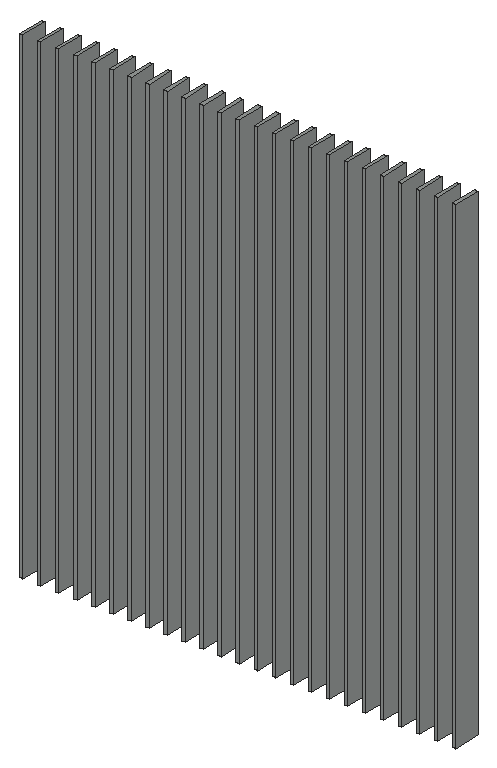
Revit family "Blade Surfaces 001", category Generic Models, host Wall, Revit 2021
Family settings
  Host = Wall
  Can host rebar = No
  Round Connector Dimension = Use Diameter
  Part Type = Normal
  Always vertical = Yes
  Cut with Voids When Loaded = No
  Shared = No
  Room Calculation Point = No
Parameters
  URL = "https://www.csiposhfelt.com/products/blade-surfaces-001"
  Model = "Blade Surfaces 001"
  Manufacturer = "CSI PoshFelt"
  Default Elevation = 0' - 0"
  Core Material = PSH176
  Blade Thickness = 0' - 6"
  Blade Height = 9' - 0"
Reference planes (in)
  plane 1: y = 0
  plane 2 "Center (Left/Right)": x = 0
  plane 3 "Wall Edge": y = 3
Forms (in)
  Extrusion 1, solid, material "PSH176" <- "Core Material"
    sketch origin (0, 0, 0) x (1, 0, 0) y (0, 1, 0)
      loop
        line (0.375, 3) -> (0.375, 9) -> (-0.375, 9) -> (-0.375, 3) -> (0.375, 3)
      loop
        line (-3.625, 3) -> (-3.625, 9) -> (-4.375, 9) -> (-4.375, 3) -> (-3.625, 3)
      loop
        line (-7.625, 3) -> (-7.625, 9) -> (-8.375, 9) -> (-8.375, 3) -> (-7.625, 3)
      loop
        line (-11.625, 3) -> (-11.625, 9) -> (-12.375, 9) -> (-12.375, 3) -> (-11.625, 3)
      loop
        line (-15.625, 3) -> (-15.625, 9) -> (-16.375, 9) -> (-16.375, 3) -> (-15.625, 3)
      loop
        line (-19.625, 3) -> (-19.625, 9) -> (-20.375, 9) -> (-20.375, 3) -> (-19.625, 3)
      loop
        line (-23.625, 3) -> (-23.625, 9) -> (-24.375, 9) -> (-24.375, 3) -> (-23.625, 3)
      loop
        line (-27.625, 3) -> (-27.625, 9) -> (-28.375, 9) -> (-28.375, 3) -> (-27.625, 3)
      loop
        line (-31.625, 3) -> (-31.625, 9) -> (-32.375, 9) -> (-32.375, 3) -> (-31.625, 3)
      loop
        line (-35.625, 3) -> (-35.625, 9) -> (-36.375, 9) -> (-36.375, 3) -> (-35.625, 3)
      loop
        line (-39.625, 3) -> (-39.625, 9) -> (-40.375, 9) -> (-40.375, 3) -> (-39.625, 3)
      loop
        line (-43.625, 3) -> (-43.625, 9) -> (-44.375, 9) -> (-44.375, 3) -> (-43.625, 3)
      loop
        line (-47.625, 3) -> (-47.625, 9) -> (-48.375, 9) -> (-48.375, 3) -> (-47.625, 3)
      loop
        line (4.375, 3) -> (4.375, 9) -> (3.625, 9) -> (3.625, 3) -> (4.375, 3)
      loop
        line (8.375, 3) -> (8.375, 9) -> (7.625, 9) -> (7.625, 3) -> (8.375, 3)
      loop
        line (12.375, 3) -> (12.375, 9) -> (11.625, 9) -> (11.625, 3) -> (12.375, 3)
      loop
        line (16.375, 3) -> (16.375, 9) -> (15.625, 9) -> (15.625, 3) -> (16.375, 3)
      loop
        line (20.375, 3) -> (20.375, 9) -> (19.625, 9) -> (19.625, 3) -> (20.375, 3)
      loop
        line (24.375, 3) -> (24.375, 9) -> (23.625, 9) -> (23.625, 3) -> (24.375, 3)
      loop
        line (28.375, 3) -> (28.375, 9) -> (27.625, 9) -> (27.625, 3) -> (28.375, 3)
      loop
        line (32.375, 3) -> (32.375, 9) -> (31.625, 9) -> (31.625, 3) -> (32.375, 3)
      loop
        line (36.375, 3) -> (36.375, 9) -> (35.625, 9) -> (35.625, 3) -> (36.375, 3)
      loop
        line (40.375, 3) -> (40.375, 9) -> (39.625, 9) -> (39.625, 3) -> (40.375, 3)
      loop
        line (44.375, 3) -> (44.375, 9) -> (43.625, 9) -> (43.625, 3) -> (44.375, 3)
      loop
        line (48.375, 3) -> (48.375, 9) -> (47.625, 9) -> (47.625, 3) -> (48.375, 3)
    from 0 to 108
Lines and regions (in)
  reference lines
    curve 1: line (-56.625, 9, 0) -> (56.375, 9, 0)
    curve 2: line (56.375, 3, 108) -> (-56.625, 3, 108)
Text (in)
  text "Placement Side" at (0, 40.15149, 123.01588), in view "Right"
  text "Placement Side" at (-70.3804, 28.46503, 0), in view "Ref. Level"
  text "Placement Side" at (0, 81.62555, 140.59947), in view "Left"
Dimensions and locks (in)
  locked: plane 3 "Wall Edge" to host wall
  "Blade Thickness": plane 3 "Wall Edge" to curve 1
  "Blade Height": curve 1 to curve 2
  aligned and locked: plane 3 "Wall Edge" to Extrusion 1
  aligned and locked: Extrusion 1 to curve 1  (x2)
  aligned and locked: Extrusion 1 to curve 2
Automatic sketch dimensions
  Extrusion 1 sketch curve to host wall = 0' - 0"  (x25)
  Extrusion 1 sketch curve to plane 2 "Center (Left/Right)" = 4' - 0 3/8"
  Extrusion 1 sketch curve to Extrusion 1 sketch curve = 0' - 0 3/4"  (x24)
  Extrusion 1 sketch curve to Extrusion 1 sketch curve = 0' - 3 1/4"  (x23)
  Extrusion 1 sketch curve to plane 2 "Center (Left/Right)" = 0' - 0 3/8"
  plane 2 "Center (Left/Right)" to Extrusion 1 sketch curve = 0' - 0 3/8"
  Extrusion 1 sketch curve to Extrusion 1 sketch curve = 0' - 6"
  Extrusion 1 sketch curve to Extrusion 1 sketch curve = 0' - 0"  (x23)
  host wall to Extrusion 1 sketch curve = 0' - 6"
  curve 1 to plane 2 "Center (Left/Right)" = 4' - 8 5/8"
  plane 2 "Center (Left/Right)" to curve 1 = 4' - 8 3/8"
  curve 2 to plane 2 "Center (Left/Right)" = 4' - 8 5/8"
  plane 2 "Center (Left/Right)" to curve 2 = 4' - 8 3/8"
